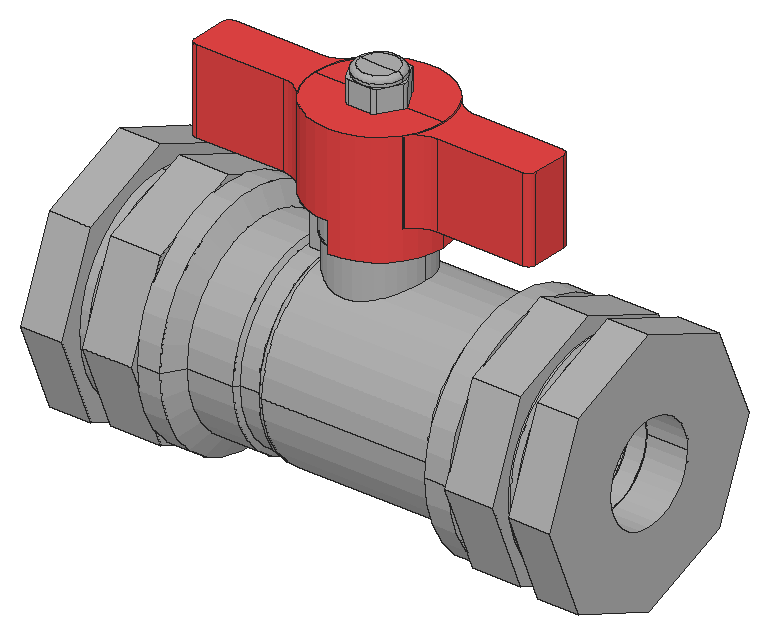
Revit family "QD39300000", category Apparecchi idraulici, Revit 2016
Family settings
  Tipo di parte = Normale
  Quota connettore circolare = Usa diametro
  Numero OmniClass = 23.45.00.00
  Titolo OmniClass = Sanitary, Laundry, and Cleaning Equipment
  Basato su piano di lavoro = No
  Sempre verticale = Sì
  Taglio con vuoti quando caricato = No
  Condiviso = No
  Punto di calcolo locali = No
Parameters
  URL = "https://web.cimberio.it/index.php/figura/451?subcategoria_id=43550"
  Produttore = "CIMBERIO SPA"
  Modello = "Cim 380"
  DN Model [instance] = QD39305032 : QD39305032
  DN [instance] = 20 mm
Reference planes
  plane 1 "Centro (Fronte/Retro)": y = 0
  plane 2: z = 0
  plane 3 "Centro (Sinistra/Destra)": x = 0
Dimensions and locks
  aligned and locked: level to plane 2
Nested families
  nested 1: "QD39305032" at (0, 0, 0), type <- "DN Model", type "QD39305032"
    with DN 10 mm
  nested 2: "QD39305032" at (0, 0, 0), type <- "DN Model", type "QD39305032"
    with DN 10 mm
  nested 3: "QD39305032" at (0, 0, 0), type <- "DN Model", type "QD39305032"
    with DN 10 mm
Connectors
  piping at (55.371, 0, 0), diameter 20, driven by "DN"
    settings: on nested 1, index 1, connector inside diameter 609.6 mm, connector length 0 mm, flow factor 0, pipe flow 0.0 L/s, pressure drop 0.0 Pa, fitting loss kfactor 0, connector angle 0.00°, fixture units 0, engagement length 0 mm, angle of deflection 0.00°, flow configuration 0, flow direction 0, fitting loss method 0, system type 7, joint type 0, gender type 0, connector reference index -1, connector utility 0, adjustable connector no, is connector primary yes, connector description ""
  piping at (-53.289, 0, 0), diameter 20, driven by "DN"
    settings: on nested 1, index 2, connector inside diameter 609.6 mm, connector length 0 mm, flow factor 0, pipe flow 0.0 L/s, pressure drop 0.0 Pa, fitting loss kfactor 0, connector angle 0.00°, fixture units 0, engagement length 0 mm, angle of deflection 0.00°, flow configuration 0, flow direction 0, fitting loss method 0, system type 7, joint type 0, gender type 0, connector reference index -1, connector utility 0, adjustable connector no, is connector primary no, connector description ""
Definition of nested family "QD39305032"
  Parameters (values of type "QD39305032")
    DN [instance] = 10 mm  # constant formula
  Reference planes
    plane 1 "Centro (Fronte/Retro)": y = 0
    plane 2: z = 0
    plane 3 "Centro (Sinistra/Destra)": x = 0
  Forms (mm)
    Revolve 1, solid
      sketch origin (0, 0, 0) x (1, 0, 0) y (0, 1, 0)
        loop
          line (33.182, 10) -> (33.182, 23.549) -> (28.203, 23.549) -> (26.182, 20.049)
          arc (26.182, 20.049) -> (25.817, 19.684) -> (25.317, 19.549) r 1
          line (25.317, 19.549) -> (-8.386, 19.549)
          arc (-8.386, 19.549) -> (-8.789, 19.499) -> (-9.152, 19.315) r 1.185
          line (-9.152, 19.315) -> (-9.918, 18.549) -> (-13.799, 18.549) -> (-14.361, 19.549) -> (-23.918, 19.549) -> (-26.227, 23.549) -> (-30.918, 23.549) -> (-30.918, 10) -> (33.182, 10)
        axis (-30.918, 0) -> (33.182, 0)
      angle from 0 to 360
    Revolve 2, solid
      sketch origin (0, 0, 4) x (1, 0, 0) y (0, 0, 1)
        loop
          line (0.063, 27.3) -> (0.063, 11.623) -> (9.5, 11.623) -> (9.5, 21)
          arc (9.5, 21) -> (9.863, 21.294) -> (10, 21.742) r 0.8
          line (10, 21.742) -> (10, 27.3) -> (0.063, 27.3)
        axis (0.063, 11.623) -> (0.063, 27.3)
      angle from 0 to 360
    Extrusion 3, solid
      sketch origin (0, 0, 4) x (1, 0, 0) y (0, 0, 1)
        loop
          line (-15, 26.3) -> (-15, 22) -> (-13, 20.845) -> (-13, 10.345) -> (-7.86, 10.345) -> (-7.86, 26.3) -> (-15, 26.3)
      from -1.5 to 1.5
    Revolve 4, solid
      sketch origin (0, 0, 4) x (1, 0, 0) y (0, 0, 1)
        loop
          line (0, 30.531) -> (-6.985, 30.531) -> (-6.985, 27.3) -> (0, 27.3) -> (0, 30.531)
        axis (0, 30.531) -> (0, 27.3)
      angle from 0 to 360
    Revolve 5, solid
      sketch origin (0, 0, 4) x (1, 0, 0) y (0, 0, 1)
        loop
          line (0, 45.8) -> (-13.25, 45.8) -> (-13.25, 22.8) -> (-7.25, 22.8) -> (-7.25, 38.318) -> (0, 38.318) -> (0, 45.8)
        axis (0, 45.8) -> (0, 22.8)
      angle from 0 to 360
    Revolve 6, solid
      sketch origin (0, 0, 4) x (1, 0, 0) y (0, 0, 1)
        loop
          line (0, 51.8) -> (0, 50.016) -> (4.75, 50.016) -> (4.75, 50.8)
          arc (4.75, 50.8) -> (4.457, 51.507) -> (3.75, 51.8) r 1
          line (3.75, 51.8) -> (0, 51.8)
        axis (0, 51.8) -> (0, 50.016)
      angle from 0 to 360
    Extrusion 7, solid
      sketch origin (0, 0, 32.55) x (0.997566, 0.069725, 0) y (-0.069725, 0.997566, 0)
        loop
          line (5.501, 0.127) -> (3.472, 4.287)
          arc (3.472, 4.287) -> (3.145, 4.663) -> (2.674, 4.825) r 0.962
          line (2.674, 4.825) -> (-1.937, 5.147)
          arc (-1.937, 5.147) -> (-2.461, 5.045) -> (-2.864, 4.695) r 1.032
          line (-2.864, 4.695) -> (-5.424, 0.899)
          arc (-5.424, 0.899) -> (-5.599, 0.392) -> (-5.496, -0.136) r 1.038
          line (-5.496, -0.136) -> (-3.479, -4.272)
          arc (-3.479, -4.272) -> (-3.142, -4.659) -> (-2.657, -4.826) r 0.991
          line (-2.657, -4.826) -> (1.958, -5.149)
          arc (1.958, -5.149) -> (2.463, -5.05) -> (2.852, -4.713) r 0.994
          line (2.852, -4.713) -> (5.429, -0.891)
          arc (5.429, -0.891) -> (5.601, -0.392) -> (5.501, 0.127) r 1.021
      from 17.25 to 21.75
    Extrusion 8, void
      sketch origin (0, 0, 32.55) x (1, 0, 0) y (0, 1, 0)
        loop
          line (-8.5, 0) -> (-14.381, 0)
          arc (-14.381, 0) -> (-10.169, -10.169) -> (0, -14.381) r 14.381
          line (0, -14.381) -> (0, -8.5)
          arc (0, -8.5) -> (-6.01, -6.01) -> (-8.5, 0) r 8.5
      from -6.445 to 0.25
    Extrusion 9, solid
      sketch origin (-11, 0, 0) x (0, 0, 1) y (0, 1, 0)
        loop
          circle (0, 0) r 10
        loop
          line (24.7, 0) -> (17.466, 17.466) -> (0, 24.7) -> (-17.466, 17.466) -> (-24.7, 0) -> (-17.466, -17.466) -> (0, -24.7) -> (17.466, -17.466) -> (24.7, 0)
      from 19.918 to 30.018
    Extrusion 10, solid
      sketch origin (-11, 0, 0) x (0, 0, 1) y (0, 1, 0)
        loop
          circle (0, 0) r 10
        loop
          line (25.45, 0) -> (17.996, 17.996) -> (0, 25.45) -> (-17.996, 17.996) -> (-25.45, 0) -> (-17.996, -17.996) -> (0, -25.45) -> (17.996, -17.996) -> (25.45, 0)
      from 33.789 to 42.289
    Revolve 11, solid
      sketch origin (0, 0, 0) x (1, 0, 0) y (0, 0, 1)
        loop
          line (-44.789, 21) -> (-44.789, 10) -> (-40.358, 10) -> (-40.358, 21) -> (-41.563, 21) -> (-42.194, 20.063) -> (-42.802, 21) -> (-44.789, 21)
        axis (-44.789, 0) -> (-40.358, 0)
      angle from 0 to 360
    Extrusion 12, solid
      sketch origin (11, 0, 0) x (0, 0, 1) y (0, -1, 0)
        loop
          circle (0, 0) r 10
        loop
          line (24.7, 0) -> (17.466, 17.466) -> (0, 24.7) -> (-17.466, 17.466) -> (-24.7, 0) -> (-17.466, -17.466) -> (0, -24.7) -> (17.466, -17.466) -> (24.7, 0)
      from 22.182 to 32.1
    Extrusion 13, solid
      sketch origin (11, 0, 0) x (0, 0, 1) y (0, -1, 0)
        loop
          circle (0, 0) r 10
        loop
          line (25.45, 0) -> (17.996, 17.996) -> (0, 25.45) -> (-17.996, 17.996) -> (-25.45, 0) -> (-17.996, -17.996) -> (0, -25.45) -> (17.996, -17.996) -> (25.45, 0)
      from 35.871 to 44.371
    Revolve 14, solid
      sketch origin (2.082, 0, 0) x (-1, 0, 0) y (0, 0, -1)
        loop
          line (-44.789, -21) -> (-42.802, -21) -> (-42.194, -20.063) -> (-41.563, -21) -> (-40.358, -21) -> (-40.358, -10) -> (-44.789, -10) -> (-44.789, -21)
        axis (-44.789, 0) -> (-40.358, 0)
      angle from 0 to 360
    Extrusion 15, solid
      sketch origin (0, 0, 28.55) x (1, 0, 0) y (0, 1, 0)
        loop
          arc (-33.5, 5) -> (-34.561, 4.561) -> (-35, 3.5) r 1.5
          line (-35, 3.5) -> (-35, -3.5)
          arc (-35, -3.5) -> (-34.561, -4.561) -> (-33.5, -5) r 1.5
          line (-33.5, -5) -> (-15.798, -5)
          arc (-15.798, -5) -> (-13.02, -5.682) -> (-10.874, -7.571) r 6
          arc (-10.874, -7.571) -> (-12.642, -3.968) -> (-13.25, 0) r 13.25
          arc (-13.25, 0) -> (-12.642, 3.968) -> (-10.874, 7.571) r 13.25
          arc (-10.874, 7.571) -> (-13.02, 5.682) -> (-15.798, 5) r 6
          line (-15.798, 5) -> (-33.5, 5)
        loop
          line (33.5, 5) -> (15.798, 5)
          arc (15.798, 5) -> (13.02, 5.682) -> (10.874, 7.571) r 6
          arc (10.874, 7.571) -> (12.642, 3.968) -> (13.25, 0) r 13.25
          arc (13.25, 0) -> (12.642, -3.968) -> (10.874, -7.571) r 13.25
          arc (10.874, -7.571) -> (13.02, -5.682) -> (15.798, -5) r 6
          line (15.798, -5) -> (33.5, -5)
          arc (33.5, -5) -> (34.561, -4.561) -> (35, -3.5) r 1.5
          line (35, -3.5) -> (35, 3.5)
          arc (35, 3.5) -> (34.561, 4.561) -> (33.5, 5) r 1.5
      from 4.25 to 21.25
  Cuts and joins
    Extrusion 8 cuts Revolve 5
  Dimensions and locks
    aligned and locked: level to plane 2
